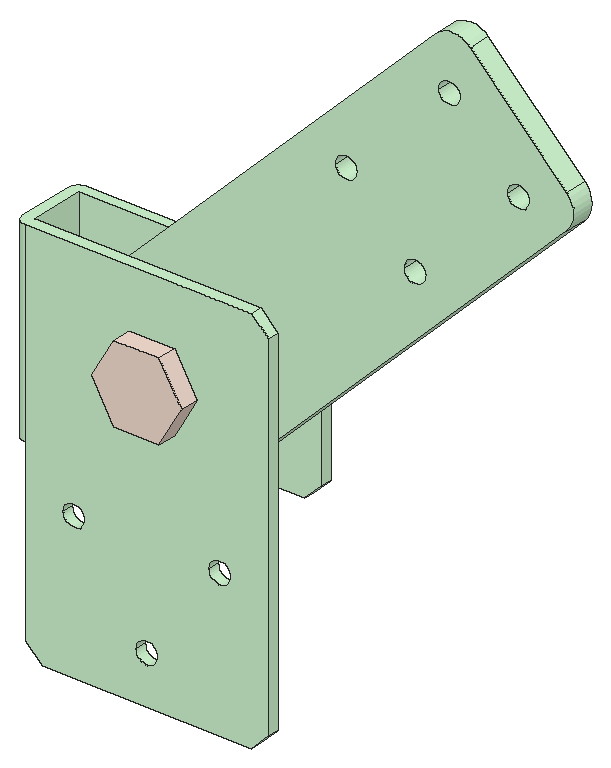
Revit family "防振ブレース金具(右)", category 機械設備, Revit 2020
Family settings
  丸型コネクタ寸法 = 直径を使用
  種別 = なし
  パーツ タイプ = 標準
  作業面ベース = いいえ
  常に垂直 = はい
  ロード時にボイドで切り取り = いいえ
  共有 = いいえ
  部屋計算ポイント = いいえ
Parameters
  製造元 = "株式会社桐井製作所"
  既定の高さ = 0 mm
  URL = "https://www.kirii.co.jp/"
  K_角度 [instance] = 45.00°
  K_品名 = "防振ブレース金具(右)"
  K_名称 = "防振ブレース下部取付金具"
  K_バージョン情報 = "20211216"
Reference planes
  plane 1 "中心(正面/背面)": y = 0
  plane 2: z = 0
  plane 3 "中心(左/右)": x = 0
  plane 4: z = 60
Forms (mm)
  Extrusion 1, solid
    sketch origin (-2.3, 0, 80) x (1, 0, 0) y (0, 1, 0)
      loop
        line (2.3, 5.7) -> (52.3, 5.7) -> (52.3, 8) -> (2.3, 8)
        arc (2.3, 8) -> (0.674, 7.326) -> (0, 5.7) r 2.3
        line (0, 5.7) -> (0, -5.7)
        arc (0, -5.7) -> (0.674, -7.326) -> (2.3, -8) r 2.3
        line (2.3, -8) -> (52.3, -8) -> (52.3, -5.7) -> (2.3, -5.7) -> (2.3, 5.7)
    from -40 to 0
  Extrusion 2, void
    sketch origin (-2.3, 0, 80) x (1, 0, 0) y (0, 0, 1)
      loop
        line (52.3, -3.5) -> (52.3, 0) -> (48.8, 0) -> (52.3, -3.5)
    from 5.7 to 8
  Extrusion 3, void
    sketch origin (-2.3, 13.7, 80) x (1, 0, 0) y (0, 0, 1)
      loop
        line (52.3, -3.5) -> (52.3, 0) -> (48.8, 0) -> (52.3, -3.5)
    from 5.7 to 8
  Extrusion 4, solid
    sketch origin (-2.3, 0, 80) x (1, 0, 0) y (0, 1, 0)
      loop
        line (52.3, -5.7) -> (2.3, -5.7) -> (2.3, -8) -> (52.3, -8) -> (52.3, -5.7)
    from -80 to -40
  Extrusion 5, void
    sketch origin (-2.3, 0, 80) x (1, 0, 0) y (0, 0, 1)
      loop
        line (52.3, -80) -> (52.3, -76.5) -> (48.8, -80) -> (52.3, -80)
      loop
        line (2.3, -80) -> (5.8, -80) -> (2.3, -76.5) -> (2.3, -80)
    from 5.7 to 8
  Extrusion 6, void
    sketch origin (-2.3, 0, 80) x (1, 0, 0) y (0, 0, 1)
      loop
        circle (12.3, -50) r 2.25
      loop
        circle (42.3, -50) r 2.25
      loop
        circle (27.3, -70) r 2.25
    from 5.7 to 8
  Extrusion 7, void
    sketch origin (-2.3, 0, 80) x (1, 0, 0) y (0, 0, 1)
      loop
        circle (28.3, -20) r 5
    from -8 to -5.7
  Extrusion 8, void
    sketch origin (-2.3, -13.7, 80) x (1, 0, 0) y (0, 0, 1)
      loop
        circle (28.3, -20) r 5
    from -8 to -5.7
  Extrusion 9, void
    sketch origin (-2.3, 13.7, 40) x (1, 0, 0) y (0, 0, 1)
      loop
        line (52.3, 3.5) -> (48.8, 0) -> (52.3, 0) -> (52.3, 3.5)
    from 5.7 to 8
Cuts and joins
  Extrusion 2, Extrusion 3, Extrusion 9 cuts Extrusion 1
  Extrusion 5, Extrusion 6, Extrusion 9 cuts Extrusion 4
  joined: Extrusion 1, Extrusion 4
Dimensions and locks
  "K_角度": angle plane 4 to nested 1
  aligned and locked: level to plane 2
  aligned and locked: plane 4 to nested 1
Automatic sketch dimensions
  Extrusion 1 sketch curve to plane 3 "中心(左/右)" = 0 mm  (x3)
  Extrusion 1 sketch curve to plane 3 "中心(左/右)" = 2.3 mm
  Extrusion 1 sketch curve to plane 1 "中心(正面/背面)" = 8 mm
  Extrusion 1 sketch curve to Extrusion 1 sketch curve = 50 mm
  Extrusion 1 sketch curve to Extrusion 1 sketch curve = 0 mm
  plane 1 "中心(正面/背面)" to Extrusion 1 sketch curve = 5.7 mm
  Extrusion 1 sketch curve to Extrusion 1 sketch curve = 2.3 mm  (x2)
  plane 4 to Extrusion 2 sketch curve = 20 mm
  plane 3 "中心(左/右)" to Extrusion 2 sketch curve = 46.5 mm
  Extrusion 2 sketch curve to Extrusion 2 sketch curve = 3.5 mm
  plane 4 to Extrusion 2 sketch curve = 16.5 mm
  Extrusion 2 sketch curve to Extrusion 2 sketch curve = 0 mm
  plane 4 to Extrusion 3 sketch curve = 20 mm
  plane 3 "中心(左/右)" to Extrusion 3 sketch curve = 46.5 mm
  Extrusion 3 sketch curve to Extrusion 3 sketch curve = 3.5 mm
  plane 4 to Extrusion 3 sketch curve = 16.5 mm
  Extrusion 3 sketch curve to Extrusion 3 sketch curve = 0 mm
  Extrusion 4 sketch curve to plane 3 "中心(左/右)" = 0 mm
  plane 1 "中心(正面/背面)" to Extrusion 4 sketch curve = 8 mm
  Extrusion 4 sketch curve to Extrusion 4 sketch curve = 50 mm
  Extrusion 4 sketch curve to Extrusion 4 sketch curve = 2.3 mm
  Extrusion 5 sketch curve to plane 3 "中心(左/右)" = 0 mm
  Extrusion 5 sketch curve to level = 0 mm  (x3)
  Extrusion 5 sketch curve to Extrusion 5 sketch curve = 3.5 mm  (x2)
  Extrusion 5 sketch curve to Extrusion 5 sketch curve = 46.5 mm
  level to Extrusion 5 sketch curve = 3.5 mm  (x2)
  plane 3 "中心(左/右)" to Extrusion 6 sketch curve = 10 mm
  level to Extrusion 6 sketch curve = 10 mm
  Extrusion 6 sketch curve to Extrusion 6 sketch curve = 15 mm  (x2)
  Extrusion 6 sketch curve to Extrusion 6 sketch curve = 20 mm  (x2)
  Extrusion 7 sketch curve to plane 4 = 0 mm
  plane 3 "中心(左/右)" to Extrusion 7 sketch curve = 26 mm
  Extrusion 8 sketch curve to plane 4 = 0 mm
  plane 3 "中心(左/右)" to Extrusion 8 sketch curve = 26 mm
  Extrusion 9 sketch curve to plane 4 = 20 mm
  plane 3 "中心(左/右)" to Extrusion 9 sketch curve = 46.5 mm
  Extrusion 9 sketch curve to Extrusion 9 sketch curve = 3.5 mm
  Extrusion 9 sketch curve to plane 4 = 16.5 mm
  Extrusion 9 sketch curve to Extrusion 9 sketch curve = 0 mm
  radius of Extrusion 6 sketch curve = 2.25 mm  (x3)
  radius of Extrusion 7 sketch curve = 5 mm
  radius of Extrusion 8 sketch curve = 5 mm
Nested families
  nested 1: "防振ブレース金具可動部" at (26, 0, 60), type "防振ブレース金具可動部"
Definition of nested family "防振ブレース金具可動部"
  Parameters (values of type "防振ブレース金具可動部")
    Manufacturer = "株式会社桐井製作所"
    Default Elevation = 0 mm
    URL = "https://www.kirii.co.jp/"
    K_品名 = "防振ブレース金具"
    K_名称 = "ブレース下部取付金具"
    K_バージョン情報 = "20211215"
  Reference planes
    plane 1 "中心(正面/背面)": y = 0
    plane 2: z = 0
    plane 3 "中心(左/右)": x = 0
  Forms (mm)
    Extrusion 1, solid, not visible
      sketch origin (0, 0, 0) x (1, 0, 0) y (0, 1, 0)
        loop
          line (-18.2, -3.2) -> (-18.2, -4.104)
          arc (-18.2, -4.104) -> (-14.101, -8.195) -> (-18.192, -12.295) r 4.096
          line (-18.192, -12.295) -> (-18.192, -13.2) -> (-55.2, -13.2) -> (-55.2, -16.4) -> (-18.2, -16.4)
          arc (-18.2, -16.4) -> (-10, -8.2) -> (-18.2, 0) r 8.2
          line (-18.2, 0) -> (-55.2, 0) -> (-55.2, -3.2) -> (-18.2, -3.2)
      from 0 to 36
    Extrusion 2, void, not visible
      sketch origin (169.414, 0, -254.015) x (1, 0, 0) y (0, 0, 1)
        loop
          line (-224.614, 269.007) -> (-224.614, 254.015) -> (-210.114, 254.015)
          arc (-210.114, 254.015) -> (-220.396, 258.578) -> (-224.614, 269.007) r 15
      from 0 to 17
    Extrusion 3, void, not visible
      sketch origin (1.543, 0, 0) x (1, 0, 0) y (0, 0, 1)
        loop
          circle (-35.2, 18.1) r 8
      from 0 to 17
    Extrusion 4, void, not visible
      sketch origin (0, 0, 0) x (1, 0, 0) y (0, 1, 0)
        loop
          arc (-18.2, -16.4) -> (-10, -8.2) -> (-18.2, 0) r 8.2
          line (-18.2, 0) -> (-18.2, -1.007)
          arc (-18.2, -1.007) -> (-11.001, -8.199) -> (-18.2, -15.392) r 7.193
          line (-18.2, -15.392) -> (-18.2, -16.4)
      from 0 to 2
    Extrusion 5, void, not visible
      sketch origin (0, 0, 21.29) x (1, 0, 0) y (0, 1, 0)
        loop
          arc (-18.2, -16.4) -> (-10, -8.2) -> (-18.2, 0) r 8.2
          line (-18.2, 0) -> (-18.2, -1.007)
          arc (-18.2, -1.007) -> (-11.001, -8.199) -> (-18.2, -15.392) r 7.193
          line (-18.2, -15.392) -> (-18.2, -16.4)
      from 0 to 2
    Extrusion 6, void, not visible
      sketch origin (0, 0, 16.29) x (1, 0, 0) y (0, 1, 0)
        loop
          arc (-18.2, -16.4) -> (-10, -8.2) -> (-18.2, 0) r 8.2
          line (-18.2, 0) -> (-18.2, -16.4)
      from 0 to 5
    Extrusion 7, void, not visible
      sketch origin (169.414, 0, -289.015) x (1, 0, 0) y (0, 0, 1)
        loop
          arc (-224.614, 311.023) -> (-220.396, 321.452) -> (-210.114, 326.015) r 15
          line (-210.114, 326.015) -> (-224.614, 326.015) -> (-224.614, 311.023)
      from 0 to 17
    Extrusion 8, void, not visible
      sketch origin (1.543, 0, -35) x (1, 0, 0) y (0, 0, 1)
        loop
          circle (-35.2, 53.9) r 8
      from 0 to 17
    Extrusion 9, solid, not visible
      sketch origin (0, 0, -71) x (1, 0, 0) y (0, 1, 0)
        loop
          line (-18.2, -3.2) -> (-18.2, -4.104)
          arc (-18.2, -4.104) -> (-14.101, -8.195) -> (-18.192, -12.295) r 4.096
          line (-18.192, -12.295) -> (-18.192, -13.2) -> (-55.2, -13.2) -> (-55.2, -16.4) -> (-18.2, -16.4)
          arc (-18.2, -16.4) -> (-10, -8.2) -> (-18.2, 0) r 8.2
          line (-18.2, 0) -> (-55.2, 0) -> (-55.2, -3.2) -> (-18.2, -3.2)
      from 0 to 36
    Extrusion 10, void, not visible
      sketch origin (0.008, 0, -37) x (1, 0, 0) y (0, 1, 0)
        loop
          arc (-18.2, -16.4) -> (-10, -8.2) -> (-18.2, 0) r 8.2
          line (-18.2, 0) -> (-18.2, -1.007)
          arc (-18.2, -1.007) -> (-11.001, -8.199) -> (-18.2, -15.392) r 7.193
          line (-18.2, -15.392) -> (-18.2, -16.4)
      from 0 to 2
    Extrusion 11, void, not visible
      sketch origin (0.008, 0, -15.71) x (1, 0, 0) y (0, 1, 0)
        loop
          arc (-18.2, -16.4) -> (-10, -8.2) -> (-18.2, 0) r 8.2
          line (-18.2, 0) -> (-18.2, -1.007)
          arc (-18.2, -1.007) -> (-11.001, -8.199) -> (-18.2, -15.392) r 7.193
          line (-18.2, -15.392) -> (-18.2, -16.4)
      from 0 to 2
    Extrusion 12, void, not visible
      sketch origin (0.008, 0, -20.71) x (1, 0, 0) y (0, 1, 0)
        loop
          arc (-18.2, -16.4) -> (-10, -8.2) -> (-18.2, 0) r 8.2
          line (-18.2, 0) -> (-18.2, -16.4)
      from 0 to 5
    Extrusion 13, solid
      sketch origin (0, 0, -0.148) x (1, 0, 0) y (0, 0, 1)
        loop
          line (53.74, 80.759) -> (-13.435, 13.583)
          arc (-13.435, 13.583) -> (-13.435, -13.287) -> (13.435, -13.287) r 19
          line (13.435, -13.287) -> (80.61, 53.889)
          arc (80.61, 53.889) -> (82.075, 57.424) -> (80.61, 60.96) r 5
          line (80.61, 60.96) -> (60.811, 80.759)
          arc (60.811, 80.759) -> (57.276, 82.223) -> (53.74, 80.759) r 5
      from -2.25 to 2.25
    Extrusion 14, void
      sketch origin (0, 0, -0.148) x (1, 0, 0) y (0, 0, 1)
        loop
          circle (56.569, 70.859) r 2.25
        loop
          circle (70.711, 56.717) r 2.25
        loop
          circle (49.497, 35.504) r 2.25
        loop
          circle (35.355, 49.646) r 2.25
      from -2.25 to 2.25
    Extrusion 15, void
      sketch origin (0, 0, -0.148) x (1, 0, 0) y (0, 0, 1)
        loop
          circle (0, 0.148) r 5
      from -2.25 to 2.25
    Extrusion 16, solid
      sketch origin (0, 0, -0.148) x (1, 0, 0) y (0, 0, 1)
        loop
          circle (0, 0.148) r 14
        loop
          circle (0, 0.148) r 5
      from 2.25 to 5.7
    Extrusion 17, solid
      sketch origin (0, 7.95, -0.148) x (1, 0, 0) y (0, 0, 1)
        loop
          circle (0, 0.148) r 14
        loop
          circle (0, 0.148) r 5
      from 2.25 to 5.7
  Cuts and joins
    Extrusion 14, Extrusion 15 cuts Extrusion 13
  Lines and regions (mm)
    reference lines
      curve 1: line (0, 0, 0) -> (70.711, 0, 70.711)
  Dimensions and locks
    aligned and locked: level to plane 2
  Nested families
    nested 1: "M10×25ボルト" at (0, -12, 0) x (-1, 0, 0) z (0, 0, 1), type "M10×25ボルト"
    nested 2: "ナット" at (0, 7.992, 0) x (1, 0, 0) z (0, 1, 0), type "ナット"
  Definition of nested family "M10×25ボルト"
    Parameters (values of type "M10×25ボルト")
      Manufacturer = "株式会社桐井製作所"
      Default Elevation = 0 mm
      URL = "https://www.kirii.co.jp/"
      K_材料規格 = "M10×L25"
      K_品名 = "M10×25ボルト"
      K_名称 = "M10×25ボルト"
      K_備考 = "KIRIIアングルクランプ付属品"
    Reference planes
      plane 1 "中心(正面/背面)": y = 0
      plane 2: z = 0
      plane 3 "中心(左/右)": x = 0
      plane 4: x = 8
      plane 5: x = -8
      plane 6 "正面": y = -4
      plane 7: z = 8
      plane 8: z = -8
    Forms (mm)
      Extrusion 1, solid
        sketch origin (0, 0, 0) x (1, 0, 0) y (0, 0, 1)
          loop
            line (-4.619, 8) -> (-9.238, 0) -> (-4.619, -8) -> (4.619, -8) -> (9.238, 0) -> (4.619, 8) -> (-4.619, 8)
        from 0 to 4
      Extrusion 2, solid
        sketch origin (0, 0, 25.676) x (1, 0, 0) y (0, 0, 1)
          loop
            circle (0, -25.676) r 4.1
        from 4 to 29
    Cuts and joins
      joined: Extrusion 1, Extrusion 2
    Lines and regions (mm)
      model lines
        curve 1: circle (0, 0, 0) r 8 normal (0, -1, 0)
    Dimensions and locks
      aligned and locked: level to plane 2
  Definition of nested family "ナット"
    Parameters (values of type "ナット")
      Default Elevation = 1219.2 mm
    Reference planes
      plane 1 "中心(正面/背面)": y = 0
      plane 2: z = 0
      plane 3 "中心(左/右)": x = 0
    Forms (mm)
      Extrusion 1, solid
        sketch origin (0, 0, 0) x (1, 0, 0) y (0, 1, 0)
          loop
            line (-55, 45) -> (-55, -45.273) -> (55.986, -45.273) -> (55.986, 45) -> (-55, 45)
        from 0 to -304.8
      Revolve 2, solid
        sketch origin (0, 0, 2.36) x (1, 0, 0) y (0, 0, 1)
          loop
            arc (8.083, 4.64) -> (7.781, 5.356) -> (7.057, 5.64) r 1
            line (7.057, 5.64) -> (4.765, 5.64) -> (4.765, -2.36) -> (8.083, -2.36) -> (8.083, 4.64)
          axis (0, 5.64) -> (0, -2.36)
        angle from 0 to 360
      Extrusion 3, void
        sketch origin (0, 0, 0) x (1, 0, 0) y (0, 1, 0)
          loop
            line (8.083, 0) -> (4.041, 7) -> (-4.041, 7) -> (-8.083, 0) -> (-4.041, -7) -> (4.041, -7) -> (8.083, 0)
          loop
            circle (0, 0) r 8.42
        from 0 to 8.277
    Cuts and joins
      Extrusion 3 cuts Revolve 2
    Dimensions and locks
      aligned and locked: plane 2 to Extrusion 1
      aligned and locked: level to Extrusion 1
